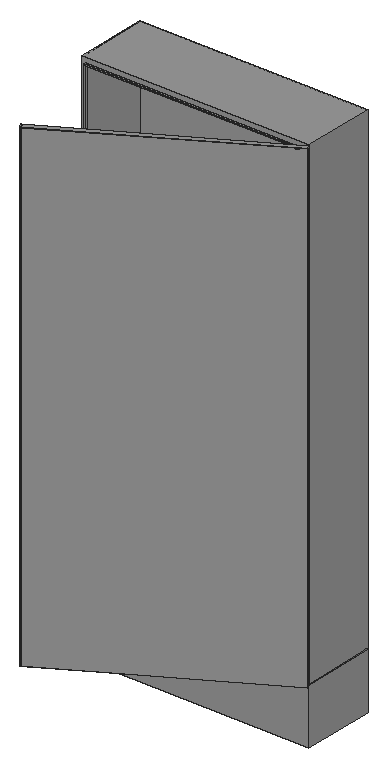
Revit family "Hager-Univers-IP55-D275-H1900-Cl.II-Steel_encl-NoHosted-CH-it", category Electrical Equipment, Revit 2020
Family settings
  Panel Configuration = Two Columns, Circuits Across
  Round Connector Dimension = Use Diameter
  Part Type = Panelboard
  Work Plane-Based = Yes
  Always vertical = Yes
  Cut with Voids When Loaded = No
  Shared = No
  Room Calculation Point = No
Parameters (values of type "montaggio a pavimento IP55 L800 A1900 P275  - FR13S2")
  Width Control [instance] = if([EF000008 - Larghezza] > Min Width, [EF000008 - Larghezza], Min Width)  # 800 mm
  Type Comments = [HG000003 - Gamma]  # "Univers"
  Thickness Door [instance] = if([EF009171 - spessore materiale porta/coperchio] > 3 mm, 3 mm, [EF009171 - spessore materiale porta/coperchio])  # 1.5 mm
  Seal Frame Offset [instance] = 17 mm  # constant formula
  Plinth Visibility [instance] = [HG000027 - Altezza dello zoccolo] > 0 mm  # yes
  Min Width [instance] = 100 mm  # constant formula
  Min Depth [instance] = (2 * [EF009170 - spessore materiale scatola]) + 1 mm  # 4 mm
  Min Height [instance] = 100 mm  # constant formula
  Internal Frame Depth [instance] = (Door System Depth * 0.5)  # 9 mm
  Panel Name [instance] = ""  # (empty or 0)
  Model = ""
  HG000027 - Altezza dello zoccolo = 200 mm
  HG000026 - A pavimento = yes
  HG000024 - Altezza della sezione inferiore = 600 mm
  HG000023 - Custodia a doppia sezione = no
  HG000016 - Visibilità delle porte nella vista 3D [instance] = yes
  HG000015 - Visibilità attraverso la porta [instance] = no
  HG000014 - Porta destra [instance] = yes
  HG000013 - Porta sinistra [instance] = not([HG000014 - Porta destra])  # no
  HG000012 - Angolo di apertura della porta [instance] = 30.00°
  HG000010 - Porte asimmetriche = no
  HG000009 - Porta doppia a battente = no
  HG000006 - Ad incasso = no
  HG000004 - Codice produttore = "FR13S2"
  HG000003 - Gamma = "Univers"
  HG000002 - Con porta = yes
  Frame Offset Bottom [instance] = 10 mm  # constant formula
  Frame Offset [instance] = 15 mm  # constant formula
  EF015940 - Coprire con rilascio di sovrapressione = no
  EF011959 - tipo di protezione (NEMA) = ""
  EF009554 - numero delle aperture per la piastra della flangia = 6
  EF009212 - esecuzione coperchio = "EV000116 - chiuso"
  EF009171 - spessore materiale porta/coperchio = 1.5 mm
  EF009170 - spessore materiale scatola = 1.5 mm
  EF008873 - corrente nominale (In) = 800 A
  EF007800 - adatto per parafulmine = no
  EF006306 - con serratura = no
  EF006244 - coperchio/porta trasparente = no
  EF005474 - grado di protezione (IP) = "EV006420 - IP55"
  EF004464 - tipo di porta = "EV002646 - singolo"
  EF004427 - numero di moduli = 396
  EF004293 - resistenza agli urti = "EV008784 - IK10"
  EF003532 - adatto per uso esterno = no
  EF002950 - Numero moduli DIN = 24
  EF001613 - Integrità del circuito = "EV000494 - senza"
  EF001596 - Attacco Lampada = "EV000179 - acciaio"
  EF001131 - profondità interna = 275 mm
  EF001088 - possibilità di applicazione = yes
  EF000437 - numero di ingressi per conduttori = 6
  EF000339 - tipo di copertura = "EV004216 - porta"
  EF000266 - numero di file = 11
  EF000218 - profondità di incasso = 0 mm
  EF000118 - con piastra di montaggio = no
  EF000116 - numero RAL = "7035"
  EF000049 - profondità = 275 mm
  EF000040 - Altezza = 1900 mm
  EF000008 - Larghezza = 800 mm
  EF000007 - colore = "EV000270 - grigio"
  EF000003 - Tipo di montaggio = "EV012274 - montaggio a pavimento"
  Door System Leaf Tolerance [instance] = 1.5 mm  # constant formula
  Door System Depth [instance] = 18 mm  # constant formula
  Door Height [instance] = Height Control - [HG000027 - Altezza dello zoccolo]  # 1700 mm
  Description = ""
  Default Elevation = 1219.2 mm
  Connector Offset [instance] = Height Control / 2  # 950 mm
  Manufacturer = "Hager"  # constant formula
  Height Control [instance] = if([EF000040 - Altezza] > Min Height, [EF000040 - Altezza], Min Height)  # 1900 mm
  Depth Control [instance] = if([EF000049 - profondità] > Min Depth, [EF000049 - profondità], Min Depth)  # 275 mm
  Bottom Top Plate Trim [instance] = 1.5 mm  # constant formula
  Plinth height Ctrl [instance] = if([HG000027 - Altezza dello zoccolo] > 0 mm, [HG000027 - Altezza dello zoccolo], 12 mm)  # 200 mm
Types (5, lengths in mm): name | Width Control | HG000010 - Porte asimmetriche | HG000009 - Porta doppia a battente | HG000004 - Codice produttore | EF009554 - numero delle aperture per la piastra della flangia | EF004464 - tipo di porta | EF004427 - numero di moduli | EF000437 - numero di ingressi per conduttori | EF000008 - Larghezza
  montaggio a pavimento IP55 L1050 A1900 P275  - FR14S2 | 1050 | yes | yes | "FR14S2" | 8 | "EV003602 - doppio" | 528 | 8 | 1050
  montaggio a pavimento IP55 L1300 A1900 P275  - FR15S2 | 1300 | yes | yes | "FR15S2" | 10 | "EV003602 - doppio" | 660 | 10 | 1300
  montaggio a pavimento IP55 L300 A1900 P275  - FR11S2 | 300 | no | no | "FR11S2" | 2 | "EV002646 - singolo" | 132 | 2 | 300
  montaggio a pavimento IP55 L550 A1900 P275  - FR12S2 | 550 | no | no | "FR12S2" | 4 | "EV002646 - singolo" | 264 | 4 | 550
  montaggio a pavimento IP55 L800 A1900 P275  - FR13S2 | 800 | no | no | "FR13S2" | 6 | "EV002646 - singolo" | 396 | 6 | 800
Reference planes
  plane 1 "Center (Front/Back)": y = 0
  plane 2: z = 0
  plane 3 "Center (Left/Right)": x = 0
  plane 4: y = 0
  plane 5: y = 0
  plane 6: z = 0
  plane 7: x = -400
  plane 8: x = 400
  plane 9: x = 398.5
  plane 10: x = -398.5
  plane 11: z = 200
  plane 12: z = 201.5
  plane 13: y = -275
  plane 14: y = -1.5
  plane 15: x = 0
  plane 16: y = -257
  plane 17: y = -273.5
  plane 18: y = -255.5
  plane 19: x = -383.5
  plane 20: x = 383.5
  plane 21: z = 211.5
  plane 22: x = -383
  plane 23: x = 383
  plane 24: z = 200
  plane 25: z = 1900
  plane 26: z = 1900
  plane 27: z = 1883.5
  plane 28: z = 1898.5
Forms (mm)
  Extrusion 1, solid, material "Hager_Steel_RAL7035_Light_Grey", detail levels medium+fine
    sketch origin (-208.679, -4572, 200) x (-1, 0, 0) y (0, -1, 0)
      loop
        line (191.321, -4315) -> (-608.679, -4315) -> (-608.679, -4572) -> (191.321, -4572) -> (191.321, -4315)
    from 0 to 1700
  Extrusion 2, void
    sketch origin (-350.771, -275, 1219.2) x (1, 0, 0) y (0, 0, 1)
      loop
        line (-47.729, 679.3) -> (-47.729, -1017.7) -> (749.271, -1017.7) -> (749.271, 679.3) -> (-47.729, 679.3)
    from -19.5 to -273.5
  Extrusion 3, void
    sketch origin (-290.084, -257, 1219.2) x (1, 0, 0) y (0, 0, 1)
      loop
        line (-93.416, -1007.7) -> (673.584, -1007.7) -> (673.584, 664.3) -> (-93.416, 664.3) -> (-93.416, -1007.7)
    from 0 to -1.5
  Extrusion 4, solid, material "Hager_Steel_RAL7035_Light_Grey", visible <- "Plinth Visibility", detail levels medium+fine
    sketch origin (0, 0, 0) x (1, 0, 0) y (0, 1, 0)
      loop
        line (-400, 0) -> (-400, -257) -> (400, -257) -> (400, 0) -> (-400, 0)
    from 0 to 200 <- "Plinth height Ctrl"
  Extrusion 5, solid, material "Hager_Steel_RAL7035_Light_Grey", detail levels coarse
    sketch origin (0, 0, 0) x (1, 0, 0) y (0, 1, 0)
      loop
        line (-400, 0) -> (-400, -275) -> (400, -275) -> (400, 0) -> (-400, 0)
    from 0 to 1900 <- "Height Control"
  Sweep 6, void
    path in 3D
      loop
        line (-400, -257, 200) -> (400, -257, 200) -> (400, 0, 200) -> (-400, 0, 200) -> (-400, -257, 200)
    profile origin (-400, -128.5, 200) x (1, 0, 0) y (0, 0, 1)
      loop
        line (0, 0) -> (0, -1.5) -> (1.5, -1.5)
        arc (1.5, -1.5) -> (1.061, -0.439) -> (0, 0) r 1.5
  Extrusion 7, solid, material "Hager_Steel_RAL7035_Light_Grey", detail levels fine
    sketch origin (-400, -257, 200) x (1, 0, 0) y (0, 0, 1)
      loop
        line (16.5, 11.5) -> (783.5, 11.5) -> (783.5, 1683.5) -> (16.5, 1683.5) -> (16.5, 11.5)
      loop
        line (15, 10) -> (785, 10) -> (785, 1685) -> (15, 1685) -> (15, 10)
    from 0 to 9 <- "Internal Frame Depth"
Cuts and joins
  Extrusion 2, Extrusion 3 cuts Extrusion 1
  Sweep 6 cuts Extrusion 4
Lines and regions (mm)
  Masking region 1
    outline origin (0, 0, 0) x (1, 0, 0) y (0, 1, 0)
      loop
        line (-400, 0) -> (-400, -275) -> (400, -275) -> (400, 0) -> (-400, 0)
  Masking region 2, detail levels coarse
    outline origin (-290.084, -257, 1219.2) x (-1, 0, 0) y (0, 0, 1)
      loop
        line (-690.084, -1219.2) -> (109.916, -1219.2) -> (109.916, 680.8) -> (-690.084, 680.8) -> (-690.084, -1219.2)
  Masking region 3, detail levels coarse
    outline origin (0, 0, 0) x (0, 1, 0) y (0, 0, 1)
      loop
        line (0, 0) -> (0, 1900) -> (-275, 1900) -> (-275, 0) -> (0, 0)
  Masking region 4, visible <- "Plinth Visibility", detail levels medium+fine
    outline origin (0, 0, 0) x (0, 1, 0) y (0, 0, 1)
      loop
        line (-1.5, 200) -> (-255.5, 200)
        arc (-255.5, 200) -> (-255.939, 198.939) -> (-257, 198.5) r 1.5
        line (-257, 198.5) -> (-257, 0) -> (0, 0) -> (0, 198.5)
        arc (0, 198.5) -> (-1.061, 198.939) -> (-1.5, 200) r 1.5
  Masking region 5, detail levels medium+fine
    outline origin (0, 0, 594.038) x (0, 1, 0) y (0, 0, 1)
      loop
        line (0, -394.038) -> (0, 1305.962) -> (-257, 1305.962) -> (-257, -394.038) -> (0, -394.038)
  Masking region 6, detail levels medium+fine
    outline origin (-359.7, -257, 1211.883) x (-1, 0, 0) y (0, 0, 1)
      loop
        line (-759.7, -1011.883) -> (40.3, -1011.883) -> (40.3, 688.117) -> (-759.7, 688.117) -> (-759.7, -1011.883)
  Masking region 7, visible <- "Plinth Visibility", detail levels medium+fine
    outline origin (-320.334, -257, 1041.368) x (-1, 0, 0) y (0, 0, 1)
      loop
        line (-720.334, -1041.368) -> (79.666, -1041.368) -> (79.666, -842.868)
        arc (79.666, -842.868) -> (78.606, -842.429) -> (78.166, -841.368) r 1.5
        line (78.166, -841.368) -> (-718.834, -841.368)
        arc (-718.834, -841.368) -> (-719.273, -842.429) -> (-720.334, -842.868) r 1.5
        line (-720.334, -842.868) -> (-720.334, -1041.368)
  sketch lines
    curve 1: line (-400, 0, 200) -> (-400, -257, 200)
    curve 2: line (-400, -257, 200) -> (400, -257, 200)
    curve 3: line (400, 0, 200) -> (-400, 0, 200)
    curve 4: line (400, -257, 200) -> (400, 0, 200)
Dimensions and locks
  locked: plane 1 "Center (Front/Back)" to plane 5
  "EF009170 - spessore materiale scatola": plane 7 to plane 10
  "EF009170 - spessore materiale scatola": plane 8 to plane 9
  equal spacing: plane 7, plane 3 "Center (Left/Right)", plane 8
  "Width Control": plane 7 to plane 8
  "Depth Control": plane 4 to plane 13
  "EF009170 - spessore materiale scatola": plane 4 to plane 14
  "Height Control": plane 25 to level
  "HG000027 - Altezza dello zoccolo": plane 11 to level
  "EF009170 - spessore materiale scatola": plane 12 to plane 11
  "EF009170 - spessore materiale scatola": plane 17 to plane 13
  "EF009170 - spessore materiale scatola": plane 18 to plane 16
  "Frame Offset Bottom": plane 21 to plane 12
  "Frame Offset": plane 10 to plane 19
  "Frame Offset": plane 9 to plane 20
  "Door System Depth": plane 16 to plane 13
  "Seal Frame Offset": plane 7 to plane 22
  "Seal Frame Offset": plane 8 to plane 23
  "EF009170 - spessore materiale scatola": plane 26 to plane 28
  "Frame Offset": plane 28 to plane 27
  "Connector Offset": plane 2 to connector elem
  "Bottom Top Plate Trim": profile plane to Sweep 6 sketch curve
  "Bottom Top Plate Trim": Sweep 6 sketch curve to Sweep 6 sketch curve
  "Plinth height Ctrl": Masking region 4 sketch curve to level
  "Plinth height Ctrl": Masking region 7 sketch curve to level
  "Thickness Door": Extrusion 7 sketch curve to Extrusion 7 sketch curve  (x4)
  "Bottom Top Plate Trim": radius of Sweep 6 sketch curve
  "Bottom Top Plate Trim": radius of Masking region 4 sketch curve  (x2)
  "Bottom Top Plate Trim": radius of Masking region 7 sketch curve  (x2)
  aligned and locked: Extrusion 2 sketch curve to plane 12
  aligned and locked: Extrusion 2 sketch curve to plane 9
  aligned and locked: Extrusion 2 sketch curve to plane 10
  aligned and locked: Extrusion 2 to plane 14
  aligned and locked: Extrusion 1 sketch curve to plane 4
  aligned and locked: plane 8 to Extrusion 1 sketch curve
  aligned and locked: plane 7 to Extrusion 1 sketch curve
  aligned and locked: Extrusion 2 to plane 18
  aligned and locked: Extrusion 3 sketch curve to plane 19
  aligned and locked: plane 20 to Extrusion 3 sketch curve
  aligned and locked: Extrusion 3 to Extrusion 2
  aligned and locked: Extrusion 3 sketch curve to plane 21
  aligned and locked: plane 3 "Center (Left/Right)" to nested 1
  aligned and locked: Extrusion 1 sketch curve to plane 16
  aligned and locked: Extrusion 4 sketch curve to cut or joined group of Extrusion 1, Extrusion 2, Extrusion 3
  aligned and locked: Masking region 1 sketch curve to plane 7
  aligned and locked: Masking region 1 sketch curve to plane 5
  aligned and locked: Masking region 1 sketch curve to plane 8
  aligned and locked: Masking region 2 sketch curve to level
  aligned and locked: level to Masking region 3 sketch curve
  aligned and locked: plane 1 "Center (Front/Back)" to Masking region 3 sketch curve
  aligned and locked: plane 13 to Masking region 3 sketch curve
  aligned and locked: plane 5 to Masking region 4 sketch curve
  aligned and locked: Masking region 2 sketch curve to plane 8
  aligned and locked: Masking region 2 sketch curve to plane 7
  aligned and locked: plane 7 to nested 2
  aligned and locked: nested 2 to plane 5
  aligned and locked: plane 5 to Masking region 5 sketch curve
  aligned and locked: plane 26 to Masking region 5 sketch curve
  aligned and locked: Extrusion 5 sketch curve to plane 8
  aligned and locked: Extrusion 5 sketch curve to plane 7
  aligned and locked: Extrusion 5 sketch curve to plane 5
  aligned and locked: Extrusion 3 sketch curve to plane 27
  aligned and locked: Extrusion 2 sketch curve to plane 28
  aligned and locked: Masking region 2 to plane 25
  aligned and locked: Extrusion 4 to plane 16
  aligned and locked: profile plane to Sweep 6 sketch curve
  aligned and locked: Masking region 5 sketch curve to plane 24
  aligned and locked: level to Masking region 4 sketch curve
  aligned and locked: Masking region 1 to plane 13
  aligned and locked: nested 1 to plane 16
  aligned and locked: Masking region 3 to plane 25
  aligned and locked: plane 16 to Masking region 4 sketch curve
  aligned and locked: Masking region 5 sketch curve to plane 16
  aligned and locked: plane 24 to plane 11
  aligned and locked: plane 26 to plane 25
  aligned and locked: plane 26 to cut or joined group of Extrusion 1, Extrusion 2, Extrusion 3
  aligned and locked: nested 1 to plane 24
  aligned and locked: Extrusion 1 to Extrusion 3
  aligned and locked: Masking region 6 sketch curve to plane 8
  aligned and locked: Masking region 6 sketch curve to plane 24
  aligned and locked: Masking region 6 sketch curve to plane 7
  aligned and locked: Masking region 6 sketch curve to plane 26
  aligned and locked: Masking region 7 sketch curve to plane 7
  aligned and locked: level to Masking region 7 sketch curve
  aligned and locked: Masking region 7 sketch curve to plane 8
  aligned and locked: Extrusion 7 sketch curve to cut or joined group of Extrusion 1, Extrusion 2, Extrusion 3  (x4)
Automatic sketch dimensions
  plane 19 to Extrusion 3 sketch curve = 0 mm
  Extrusion 3 sketch curve to plane 20 = 0 mm
  Extrusion 3 sketch curve to plane 21 = 0 mm
  Extrusion 4 sketch curve to plane 7 = 0 mm
  Extrusion 4 sketch curve to plane 8 = 0 mm
  Extrusion 4 sketch curve to plane 16 = 0 mm
  Masking region 1 sketch curve to plane 13 = 0 mm
  Masking region 2 sketch curve to plane 25 = 0 mm
  Masking region 3 sketch curve to plane 25 = 0 mm
  Extrusion 5 sketch curve to plane 13 = 0 mm
  profile plane to Sweep 6 sketch curve = 0 mm
Nested families
  nested 1: "EC000058_Univers_Door" at (0, -257, 200), Double <- "HG000009 - Porta doppia a battente", Transparent <- "EF006244 - coperchio/porta trasparente", Angle <- "HG000012 - Angolo di apertura della porta", Door_Right <- "HG000014 - Porta destra", Assymetrical <- "HG000010 - Porte asimmetriche", Door <- "HG000002 - Con porta", Width_Ctrl <- "Width Control", 3d_Door <- "HG000016 - Visibilità delle porte nella vista 3D", Clearance <- "HG000015 - Visibilità attraverso la porta", Door_Left <- "HG000013 - Porta sinistra", Width <- "Width Control", Door_Depth <- "Door System Depth", Leaf_Tolerance <- "Door System Leaf Tolerance", Height <- "Door Height", Lock_Visibility <- "EF006306 - con serratura", Thickness <- "Thickness Door", type "EC000058_Univers_Door", detail levels medium+fine
    with min_wh 4 mm, Width_Ctrl 800 mm, Width 800 mm, Transparent no, Thickness 1.5 mm, Seal_Material Hager_Rubber, Lock_Visibility no, Lock_Material Hager_Plastic_RAL9005_Jet_Black, Leaf_Width 800 mm, Leaf_Tolerance_External_Sides 0 mm, Leaf_Tolerance 1.5 mm, Leaf_Offset 0 mm, Leaf_Height 1697 mm, Leaf_2_Width 800 mm, Leaf_2_Offset 400 mm, Leaf_1_Width 800 mm, Leaf_1_Offset 400 mm, Height_Ctrl 1700 mm, Height 1700 mm, Glass_Material Hager_Glass, Double_Clearance_Ctrl no, Double no, Door_Right_Ctrl yes, Door_Right yes, Door_Material Hager_Steel_RAL7035_Light_Grey, Door_Left_Ctrl no, Door_Left no, Door_Depth 18 mm, Door yes, Clearance_Material Hager_Clearance, Clearance_Depth 800 mm, Clearance_Ctrl no, Clearance no, Assymetrical no, Angle 30.00°, 3d_Door yes
  nested 2: "Hager_Enclosure_Symbol" at (-400, 0, 0), Height <- "Depth Control", Width <- "Width Control", type "Hager_Enclosure_Symbol"
    with Width_Ctrl 800 mm, Width 800 mm, Height_Ctrl 275 mm, Height 275 mm, A_Width_Int 18.047 mm, A_Width 216.562 mm, A_Height_Ctrl 240.625 mm, A_Height 240.625 mm
Connectors
  electrical at (0, 0, 950)
    settings: on plane 1 "Center (Front/Back)", index 1, voltage 0 V, apparent load 0 VA, apparent load phase1 0 VA, apparent load phase2 0 VA, apparent load phase3 0 VA, power factor 1, load classification "Other", number of poles 1, system type 30, power factor state 1, is connector primary yes, connector utility no, sub classification motor no, connector description ""
Definition of nested family "EC000058_Univers_Door"
  Parameters (values of type "EC000058_Univers_Door")
    min_wh [instance] = (2 * Thickness) + 1 mm  # 11 mm
    Width_Ctrl [instance] = 400 mm
    Width [instance] = 500 mm
    Transparent [instance] = yes
    Thickness [instance] = 5 mm
    Seal_Material [instance] = none
    Lock_Visibility [instance] = yes
    Lock_Material [instance] = none
    Leaf_Width [instance] = if((Width_Ctrl - 2 * Leaf_Tolerance_External_Sides) > 0 mm, (Width_Ctrl - 2 * Leaf_Tolerance_External_Sides), min_wh)  # 400 mm
    Leaf_Tolerance_External_Sides [instance] = 0 mm  # constant formula
    Leaf_Tolerance [instance] = 1.5 mm
    Leaf_Offset [instance] = 0 mm  # constant formula
    Leaf_Height [instance] = if((Height_Ctrl - 2 * Leaf_Tolerance) > 0 mm, (Height_Ctrl - 2 * Leaf_Tolerance), min_wh)  # 497 mm
    Leaf_2_Width [instance] = if(and(and(Double, Assymetrical), Door_Left), (Leaf_Width / 3) - (Leaf_Tolerance / 2), if(and(and(Double, Assymetrical), Door_Right), (Leaf_Width / 3) * 2 - (Leaf_Tolerance / 2), if(and(Double, not(Assymetrical)), (Leaf_Width / 2) - Leaf_Tolerance, Leaf_Width)))  # 400 mm
    Leaf_2_Offset [instance] = if(and(Double, Assymetrical), Leaf_2_Width / 2, if(and(Double, not(Assymetrical)), Leaf_Width / 4, Leaf_Width / 2))  # 200 mm
    Leaf_1_Width [instance] = if(and(and(Double, Assymetrical), Door_Right), (Leaf_Width / 3) - (Leaf_Tolerance / 2), if(and(and(Double, Assymetrical), Door_Left), (Width / 3) * 2 - (Leaf_Tolerance / 2), if(and(Double, not(Assymetrical)), (Leaf_Width / 2) - Leaf_Tolerance, Leaf_Width)))  # 400 mm
    Leaf_1_Offset [instance] = if(and(Double, Assymetrical), Leaf_1_Width / 2, if(and(Double, not(Assymetrical)), Leaf_Width / 4, Leaf_Width / 2))  # 200 mm
    Height_Ctrl [instance] = if(Height > min_wh, Height, min_wh)  # 500 mm
    Height [instance] = 500 mm
    Glass_Material [instance] = none
    Double_Clearance_Ctrl [instance] = and(Double, Clearance)  # no
    Double [instance] = no
    Door_Right_Ctrl [instance] = and(or(Door_Right, Double), Door)  # yes
    Door_Right [instance] = yes
    Door_Material [instance] = none
    Door_Left_Ctrl [instance] = and(or(Door_Left, Double), Door)  # no
    Door_Left [instance] = no
    Door_Depth [instance] = 30 mm
    Door [instance] = yes
    Default Elevation = 1219.2 mm
    Clearance_Material [instance] = none
    Clearance_Depth [instance] = if(Leaf_1_Width > Leaf_2_Width, Leaf_1_Width, Leaf_2_Width)  # 400 mm
    Clearance_Ctrl [instance] = and(not(Double), Clearance)  # yes
    Clearance [instance] = yes
    Assymetrical [instance] = yes
    Angle [instance] = 30.00°
    3d_Door [instance] = yes
  Reference planes
    plane 1 "Center (Front/Back)": y = 0
    plane 2 "Bottom": z = 0
    plane 3 "Center (Left/Right)": x = 0
    plane 4: z = 500
    plane 5: x = -200
    plane 6: x = 200
    plane 7: z = 500
    plane 8: x = -200
    plane 9: z = 0
    plane 10: x = 200
    plane 11: y = 0
    plane 12: z = 1.5
    plane 13: x = -600
    plane 14: y = -400
    plane 15: x = 600
    plane 16: x = 0
    plane 17: x = 0
    plane 18: x = -200
    plane 19: x = 200
    plane 20: z = 498.5
  Forms (mm)
    Extrusion 1, solid, material <- "Clearance_Material", visible <- "Double_Clearance_Ctrl"
      sketch origin (1200, 0, 0) x (1, 0, 0) y (0, 0, -1)
        loop
          line (-1800, -498.5) -> (-600, -498.5) -> (-600, 0) -> (-1800, 0) -> (-1800, -498.5)
      from 0 to -400
  Dimensions and locks
    equal spacing: plane 5, plane 3 "Center (Left/Right)", plane 6
    "Width_Ctrl": plane 5 to plane 6
    "Leaf_Offset": plane 5 to plane 8
    "Leaf_Offset": plane 6 to plane 10
    "Leaf_Offset": plane 9 to level
    "Leaf_Offset": plane 4 to plane 7
    "Height_Ctrl": plane 4 to level
    "Leaf_Tolerance": plane 12 to plane 9
    locked: plane 11 to plane 1 "Center (Front/Back)"
    "Leaf_1_Offset": plane 18 to plane 16
    "Leaf_2_Offset": plane 17 to plane 19
    "Leaf_1_Width": plane 13 to plane 8
    "Leaf_2_Width": plane 10 to plane 15
    "Clearance_Depth": plane 14 to plane 1 "Center (Front/Back)"
    "Leaf_Tolerance_External_Sides": plane 8 to plane 18
    "Leaf_Tolerance_External_Sides": plane 19 to plane 10
    "Leaf_Tolerance": plane 7 to plane 20
    aligned and locked: level to plane 2 "Bottom"
    aligned and locked: nested 1 to plane 16
    aligned and locked: nested 2 to plane 17
    aligned and locked: Extrusion 1 to plane 13
    aligned and locked: plane 15 to Extrusion 1
    aligned and locked: Extrusion 1 to plane 14
    aligned and locked: plane 12 to nested 1
    aligned and locked: nested 2 to plane 12
    aligned and locked: Extrusion 1 to plane 11
    aligned and locked: plane 20 to Extrusion 1
    aligned and locked: nested 2 to plane 11
    aligned and locked: nested 1 to plane 11
  Automatic sketch dimensions
    Extrusion 1 sketch curve to level = 0 mm
    plane 5 to Extrusion 1 sketch curve = 400 mm
    plane 6 to Extrusion 1 sketch curve = 400 mm
    Extrusion 1 sketch curve to plane 4 = 1.5 mm
  Nested families
    nested 1: "EC000058_Univers_Door_Leaf" at (0, 0, 1.5), Width <- "Leaf_1_Width", visible <- "Door_Left_Ctrl", Leaf_Height <- "Leaf_Height", Angle <- "Angle", 3d_Door <- "3d_Door", Transparent <- "Transparent", Clearance Material <- "Clearance_Material", Clearance <- "Clearance_Ctrl", Door_Material <- "Door_Material", Glass_Material <- "Glass_Material", Door_Depth <- "Door_Depth", Lock_Material <- "Lock_Material", Seal_Material <- "Seal_Material", Lock_Visibility <- "Lock_Visibility", Thickness <- "Thickness", type "EC000058_Univers_Door_Leaf"
      with Width 400 mm, Transparent_Glass_Offset 30 mm, Transparent_Ctrl yes, Transparent yes, Thickness 5 mm, Standard no, Seal_Material none, Seal_D2 8 mm, Seal_D1 1 mm, Offset_Internal_Frame 10 mm, Lock_Width 20 mm, Lock_Visibility_3d yes, Lock_Visibility yes, Lock_Thickness_3 3 mm, Lock_Thickness_2 1 mm, Lock_Thickness_1 3 mm, Lock_Radius_Offset_2 16 mm, Lock_Radius_Offset_1 15 mm, Lock_Radius_2 5 mm, Lock_Radius 6 mm, Lock_Offset 5 mm, Lock_Material none, Lock_Height 80 mm, Lock_Cover_Top_Offset_2d 17 mm, Lock_Cover_Height -65 mm, Leaf_Height 497 mm, Internal_Seal_Thickness 8 mm, Internal_Seal_Depth_2 4.5 mm, Internal_Frame_Depth 25 mm, Glass_Thickness -1 mm, Glass_Offset -2 mm, Glass_Material none, Door_Material none, Door_Depth 30 mm, Clearance Material none, Clearance yes, Angle_Ctrl 30.00°, Angle 30.00°, 3d_Door yes
    nested 2: "EC000058_Univers_Door_Leaf" at (0, 0, 1.5) x (-1, 0, 0) z (0, 0, 1), Width <- "Leaf_2_Width", visible <- "Door_Right_Ctrl", Leaf_Height <- "Leaf_Height", Angle <- "Angle", 3d_Door <- "3d_Door", Transparent <- "Transparent", Clearance Material <- "Clearance_Material", Clearance <- "Clearance_Ctrl", Door_Material <- "Door_Material", Glass_Material <- "Glass_Material", Door_Depth <- "Door_Depth", Lock_Material <- "Lock_Material", Seal_Material <- "Seal_Material", Lock_Visibility <- "Lock_Visibility", Thickness <- "Thickness", type "EC000058_Univers_Door_Leaf"
      with Width 400 mm, Transparent_Glass_Offset 30 mm, Transparent_Ctrl yes, Transparent yes, Thickness 5 mm, Standard no, Seal_Material none, Seal_D2 8 mm, Seal_D1 1 mm, Offset_Internal_Frame 10 mm, Lock_Width 20 mm, Lock_Visibility_3d yes, Lock_Visibility yes, Lock_Thickness_3 3 mm, Lock_Thickness_2 1 mm, Lock_Thickness_1 3 mm, Lock_Radius_Offset_2 16 mm, Lock_Radius_Offset_1 15 mm, Lock_Radius_2 5 mm, Lock_Radius 6 mm, Lock_Offset 5 mm, Lock_Material none, Lock_Height 80 mm, Lock_Cover_Top_Offset_2d 17 mm, Lock_Cover_Height -65 mm, Leaf_Height 497 mm, Internal_Seal_Thickness 8 mm, Internal_Seal_Depth_2 4.5 mm, Internal_Frame_Depth 25 mm, Glass_Thickness -1 mm, Glass_Offset -2 mm, Glass_Material none, Door_Material none, Door_Depth 30 mm, Clearance Material none, Clearance yes, Angle_Ctrl 30.00°, Angle 30.00°, 3d_Door yes
  Definition of nested family "EC000058_Univers_Door_Leaf"
    Parameters (values of type "EC000058_Univers_Door_Leaf")
      Width [instance] = 2000 mm
      Transparent_Glass_Offset [instance] = 30 mm
      Transparent_Ctrl [instance] = and(Transparent, [3d_Door])  # yes
      Transparent [instance] = yes
      Thickness [instance] = 5 mm
      Standard [instance] = and(not(Transparent), [3d_Door])  # no
      Seal_Material [instance] = none
      Seal_D2 [instance] = 8 mm  # constant formula
      Seal_D1 [instance] = 1 mm  # constant formula
      Offset_Internal_Frame [instance] = 10 mm  # constant formula
      Lock_Width [instance] = 20 mm  # constant formula
      Lock_Visibility_3d [instance] = and(Lock_Visibility, [3d_Door])  # yes
      Lock_Visibility [instance] = yes
      Lock_Thickness_3 [instance] = 3 mm  # constant formula
      Lock_Thickness_2 [instance] = 1 mm  # constant formula
      Lock_Thickness_1 [instance] = 3 mm  # constant formula
      Lock_Radius_Offset_2 [instance] = Lock_Radius_Offset_1 + 1 mm  # 16 mm
      Lock_Radius_Offset_1 [instance] = 15 mm  # constant formula
      Lock_Radius_2 [instance] = Lock_Radius - 1 mm  # 5 mm
      Lock_Radius [instance] = 6 mm  # constant formula
      Lock_Offset [instance] = 5 mm  # constant formula
      Lock_Material [instance] = none
      Lock_Height [instance] = 80 mm  # constant formula
      Lock_Cover_Top_Offset_2d [instance] = Lock_Radius_Offset_2 + 1 mm  # 17 mm
      Lock_Cover_Height [instance] = -(Lock_Height - Lock_Radius_Offset_1)  # -65 mm
      Leaf_Height [instance] = 2720.336 mm
      Internal_Seal_Thickness [instance] = 8 mm  # constant formula
      Internal_Seal_Depth_2 [instance] = 4.5 mm  # constant formula
      Internal_Frame_Depth [instance] = if(Door_Depth - Thickness > 5 mm, Door_Depth - Thickness, 5 mm)  # 25 mm
      Glass_Thickness [instance] = if(Thickness > 15 mm, Glass_Offset + 10 mm, -1 mm)  # -1 mm
      Glass_Offset [instance] = if(Thickness > 15 mm, -(Thickness + 10 mm) / 2, -2 mm)  # -2 mm
      Glass_Material [instance] = none
      Door_Material [instance] = none
      Door_Depth [instance] = 30 mm
      Default Elevation = 0 mm
      Clearance Material [instance] = none
      Clearance [instance] = yes
      Angle_Ctrl [instance] = if(Angle > 180.00°, 180.00°, Angle)  # 90.00°
      Angle [instance] = 90.00°
      3d_Door [instance] = yes
    Reference planes
      plane 1 "Center (Front/Back)": y = 0
      plane 2: z = 0
      plane 3 "Center (Left/Right)": x = 0
      plane 4: y = 2000
      plane 5: x = -1000
      plane 6: x = 1000
      plane 7: x = -3000
      plane 8: z = 2720.336
      plane 9: z = 30
      plane 10: z = 2690.336
      plane 11: x = 970
      plane 12: x = -970
      plane 13: y = -3
      plane 14: z = 107.833
      plane 15: y = -5
      plane 16: y = -223.314
      plane 17: x = -1000
      plane 18: z = 1360.168
      plane 19: y = 30
    Forms (mm)
      Extrusion 1, solid, material <- "Clearance Material", visible <- "Clearance"
        sketch origin (0, 0, 0) x (1, 0, 0) y (0, 0, 1)
          loop
            line (-3000, 2720.336) -> (-3000, 0) -> (1000, 0) -> (1000, 2720.336) -> (-3000, 2720.336)
        from 0 to -2000
      Extrusion 2, solid, material <- "Door_Material", visible <- "Standard", detail levels medium+fine
        sketch origin (-1000, 0, 0) x (0, 1, 0) y (-1, 0, 0)
          loop
            line (0, 30) -> (0, 25) -> (2000, 25) -> (2000, 30) -> (0, 30)
        from 0 to 2720.336 <- "Leaf_Height"
      Extrusion 3, solid, material <- "Door_Material", visible <- "Transparent_Ctrl", detail levels medium+fine
        sketch origin (-1000, 0, 0) x (0, 1, 0) y (-1, 0, 0)
          loop
            line (0, 25) -> (2000, 25) -> (2000, 30) -> (0, 30) -> (0, 25)
        from 0 to 2720.336 <- "Leaf_Height"
      Extrusion 4, void
        sketch origin (-1025, 2000, 0) x (0, 1, 0) y (0, 0, -1)
          loop
            line (-30, -2690.336) -> (-30, -30) -> (-1970, -30) -> (-1970, -2690.336) -> (-30, -2690.336)
        from 0 to 5 <- "Thickness"
      Sweep 5, solid, material <- "Seal_Material", visible <- "Transparent_Ctrl", detail levels fine
        path in 3D
          loop
            line (-1025, 30, 30) -> (-1025, 30, 2690.336) -> (-1025, 1970, 2690.336) -> (-1025, 1970, 30) -> (-1025, 30, 30)
        profile origin (-1025, 1000, 30) x (1, 0, 0) y (0, 0, 1)
          loop
            line (0, 0) -> (0, -8) -> (1, -8) -> (1, 0) -> (0, 0)
      Extrusion 6, solid, material <- "Glass_Material", visible <- "Transparent_Ctrl", detail levels medium+fine
        sketch origin (-1030, 0, 0) x (0, 1, 0) y (0, 0, -1)
          loop
            line (1970, -2690.336) -> (1970, -30) -> (30, -30) -> (30, -2690.336) -> (1970, -2690.336)
        from -2 <- "Glass_Offset" to -1 <- "Glass_Thickness"
      Extrusion 7, solid, material <- "Door_Material", visible <- "3d_Door", detail levels medium+fine
        sketch origin (-1025, 2000, 0) x (0, -1, 0) y (0, 0, -1)
          loop
            line (0, -2720.336) -> (2000, -2720.336) -> (2000, 0) -> (0, 0) -> (0, -2720.336)
          loop
            line (1995, -5) -> (5, -5) -> (5, -2715.336) -> (1995, -2715.336) -> (1995, -5)
        from 0 to 25 <- "Internal_Frame_Depth"
      Sweep 8, solid, material <- "Seal_Material", visible <- "Transparent_Ctrl", detail levels fine
        path in 3D
          loop
            line (-1025, 0, 0) -> (-1025, 2000, 0) -> (-1025, 2000, 2720.336) -> (-1025, 0, 2720.336) -> (-1025, 0, 0)
        profile origin (-1025, 0, 1360.168) x (1, 0, 0) y (0, 1, 0)
          loop
            line (0, 10) -> (2.975, 10)
            arc (2.975, 10) -> (4.053, 10.447) -> (4.5, 11.525) r 1.525
            line (4.5, 11.525) -> (4.5, 16.527)
            arc (4.5, 16.527) -> (4.069, 17.569) -> (3.027, 18) r 1.473
            line (3.027, 18) -> (0, 18) -> (0, 10)
      Extrusion 9, solid, material <- "Lock_Material", visible <- "Lock_Visibility_3d", detail levels fine
        sketch origin (-1030, 0, 0) x (0, 1, 0) y (0, 0, -1)
          loop
            arc (1993.5, -1400.168) -> (1994.561, -1399.729) -> (1995, -1398.668) r 1.5
            line (1995, -1398.668) -> (1995, -1320.168) -> (1975, -1320.168) -> (1975, -1398.668)
            arc (1975, -1398.668) -> (1975.439, -1399.729) -> (1976.5, -1400.168) r 1.5
            line (1976.5, -1400.168) -> (1993.5, -1400.168)
        from 3 <- "Lock_Thickness_1" to 0
      Blend 10, solid, material <- "Lock_Material", visible <- "Lock_Visibility_3d", detail levels fine
        base sketch origin (-1033, 0, 0) x (0, 1, 0) y (0, 0, -1)
          loop
            line (1975, -1320.168) -> (1975, -1398.668)
            arc (1975, -1398.668) -> (1975.439, -1399.729) -> (1976.5, -1400.168) r 1.5
            line (1976.5, -1400.168) -> (1993.5, -1400.168)
            arc (1993.5, -1400.168) -> (1994.561, -1399.729) -> (1995, -1398.668) r 1.5
            line (1995, -1398.668) -> (1995, -1320.168) -> (1975, -1320.168)
        top sketch origin (-1033, 0, 0) x (0, 1, 0) y (0, 0, -1)
          loop
            line (1976, -1320.168) -> (1976, -1398.668)
            arc (1976, -1398.668) -> (1976.146, -1399.022) -> (1976.5, -1399.168) r 0.5
            line (1976.5, -1399.168) -> (1993.5, -1399.168)
            arc (1993.5, -1399.168) -> (1993.854, -1399.022) -> (1994, -1398.668) r 0.5
            line (1994, -1398.668) -> (1994, -1320.168) -> (1976, -1320.168)
        from 0 to 1 <- "Lock_Thickness_2"
      Blend 11, solid, material <- "Lock_Material", visible <- "Lock_Visibility_3d", detail levels fine
        base sketch origin (-1034, 0, 0) x (0, 1, 0) y (0, 0, -1)
          loop
            line (1978, -1320.168) -> (1978, -1384.168)
            arc (1978, -1384.168) -> (1985, -1391.168) -> (1992, -1384.168) r 7
            line (1992, -1384.168) -> (1992, -1320.168) -> (1978, -1320.168)
        top sketch origin (-1034, 0, 0) x (0, 1, 0) y (0, 0, -1)
          loop
            line (1991, -1320.168) -> (1979, -1320.168) -> (1979, -1383.168)
            arc (1979, -1383.168) -> (1985, -1389.168) -> (1991, -1383.168) r 6
            line (1991, -1383.168) -> (1991, -1320.168)
        from 0 to 3 <- "Lock_Thickness_3"
      Extrusion 12, solid, material <- "Lock_Material", visible <- "Lock_Visibility_3d", detail levels fine
        sketch origin (-1030, 1975, 1320.168) x (1, 0, 0) y (0, -1, 0)
          loop
            line (-7, -19) -> (-7, -1) -> (0, -1) -> (0, 0) -> (-8, 0) -> (-8, -20) -> (0, -20) -> (0, -19) -> (-7, -19)
        from 0 to -65 <- "Lock_Cover_Height"
      Extrusion 13, void
        sketch origin (-1038, 1995, 1320.168) x (-1, 0, 0) y (0, 0, -1)
          loop
            line (-5, -65) -> (0, -65) -> (-5, -60) -> (-5, -65)
        from 0 to 20 <- "Lock_Width"
      Extrusion 14, void
        sketch origin (-1038, 1975, 1320.168) x (0, -1, 0) y (0, 0, -1)
          loop
            circle (-10, -15.995) r 6
          loop
            circle (-10, -15.995) r 5
        from 0 to 2
      Extrusion 15, solid, material <- "Lock_Material", visible <- "Lock_Visibility_3d", detail levels medium
        sketch origin (-1030, 0, 0) x (0, 1, 0) y (0, 0, -1)
          loop
            arc (1993.5, -1400.168) -> (1994.561, -1399.729) -> (1995, -1398.668) r 1.5
            line (1995, -1398.668) -> (1995, -1320.168) -> (1975, -1320.168) -> (1975, -1398.668)
            arc (1975, -1398.668) -> (1975.439, -1399.729) -> (1976.5, -1400.168) r 1.5
            line (1976.5, -1400.168) -> (1993.5, -1400.168)
        from 8 to 0
    Cuts and joins
      Extrusion 4 cuts Extrusion 3
      Extrusion 13, Extrusion 14 cuts Extrusion 9
      Extrusion 14 cuts Blend 11
      Extrusion 13, Extrusion 14 cuts Extrusion 12
      joined: Extrusion 9, Blend 10, Blend 11, Extrusion 12
      Extrusion 14 cuts Extrusion 15
    Lines and regions (mm)
      Masking region 1, visible <- "Lock_Visibility", detail levels fine
        outline origin (0, 0, 0) x (0, 1, 0) y (0, 0, 1)
          loop
            line (30, 1320.168) -> (33, 1320.168) -> (33, 1400.168) -> (30, 1400.168) -> (30, 1320.168)
      Masking region 2, visible <- "Lock_Visibility", detail levels fine
        outline origin (0, 3.143, 0) x (0, 1, 0) y (0, 0, 1)
          loop
            line (29.857, 1354.168) -> (30.857, 1354.168) -> (30.857, 1366.168) -> (29.857, 1366.168) -> (29.857, 1354.168)
      Masking region 3, detail levels medium+fine
        outline origin (0, 0, 0) x (0, 1, 0) y (0, 0, 1)
          loop
            line (0, 0) -> (30, 0) -> (30, 2720.336) -> (0, 2720.336) -> (0, 0)
      Masking region 4, detail levels medium+fine
        outline origin (0, 0, 0) x (1, 0, 0) y (0, 0, 1)
          loop
            line (-1000, 2720.336) -> (-1000, 0) -> (1000, 0) -> (1000, 2720.336) -> (-1000, 2720.336)
      Masking region 5, visible <- "Lock_Visibility", detail levels fine
        outline origin (-47.116, 0, 0) x (1, 0, 0) y (0, 0, 1)
          loop
            arc (1024.616, 1399.168) -> (1023.556, 1398.729) -> (1023.116, 1397.668) r 1.5
            line (1023.116, 1397.668) -> (1023.116, 1320.168) -> (1041.116, 1320.168) -> (1041.116, 1397.668)
            arc (1041.116, 1397.668) -> (1040.677, 1398.729) -> (1039.616, 1399.168) r 1.5
            line (1039.616, 1399.168) -> (1024.616, 1399.168)
      Masking region 6, visible <- "Lock_Visibility", detail levels medium+fine
        outline origin (-25, 0, 0) x (1, 0, 0) y (0, 0, 1)
          loop
            arc (1001.5, 1400.168) -> (1000.439, 1399.729) -> (1000, 1398.668) r 1.5
            line (1000, 1398.668) -> (1000, 1320.168) -> (1020, 1320.168) -> (1020, 1398.668)
            arc (1020, 1398.668) -> (1019.561, 1399.729) -> (1018.5, 1400.168) r 1.5
            line (1018.5, 1400.168) -> (1001.5, 1400.168)
      Masking region 7, visible <- "Lock_Visibility", detail levels fine
        outline origin (-73.735, 0, 0) x (1, 0, 0) y (0, 0, 1)
          loop
            line (1051.735, 1382.168) -> (1065.735, 1382.168) -> (1065.735, 1384.168)
            arc (1065.735, 1384.168) -> (1058.735, 1391.168) -> (1051.735, 1384.168) r 7
            line (1051.735, 1384.168) -> (1051.735, 1382.168)
      Masking region 8, visible <- "Lock_Visibility", detail levels fine
        outline origin (-73.735, 0, 0) x (1, 0, 0) y (0, 0, 1)
          loop
            line (1052.735, 1382.168) -> (1064.735, 1382.168) -> (1064.735, 1383.168)
            arc (1064.735, 1383.168) -> (1058.735, 1389.168) -> (1052.735, 1383.168) r 6
            line (1052.735, 1383.168) -> (1052.735, 1382.168)
      Masking region 9, visible <- "Lock_Visibility", detail levels fine
        outline origin (-25, 0, 0) x (1, 0, 0) y (0, 0, 1)
          loop
            line (1020, 1320.168) -> (1020, 1382.168) -> (1000, 1382.168) -> (1000, 1320.168) -> (1020, 1320.168)
      Masking region 10, detail levels medium+fine
        outline origin (0, 0, 0) x (1, 0, 0) y (0, 0, 1)
          loop
            circle (985, 1335.144) r 6
      Masking region 11, detail levels fine
        outline origin (0, 0, 0) x (1, 0, 0) y (0, 0, 1)
          loop
            circle (985, 1335.144) r 5
      Masking region 12, visible <- "Lock_Visibility", detail levels fine
        outline origin (0, 12.767, 0) x (0, 1, 0) y (0, 0, 1)
          loop
            line (20.233, 1320.168) -> (21.233, 1320.168) -> (21.233, 1399.168) -> (20.233, 1400.168) -> (20.233, 1320.168)
      Masking region 13, visible <- "Lock_Visibility", detail levels fine
        outline origin (0, 13.767, -10) x (0, 1, 0) y (0, 0, 1)
          loop
            line (20.233, 1330.168) -> (23.233, 1330.168) -> (23.233, 1399.168) -> (20.233, 1402.168) -> (20.233, 1330.168)
      Masking region 14, visible <- "Lock_Visibility", detail levels fine
        outline origin (0, 12.767, -10) x (0, 1, 0) y (0, 0, 1)
          loop
            line (20.233, 1330.168) -> (25.233, 1330.168) -> (25.233, 1399.305) -> (20.233, 1394.305) -> (20.233, 1330.168)
      Masking region 15, visible <- "Lock_Visibility", detail levels medium
        outline origin (0, 0, 0) x (0, 1, 0) y (0, 0, 1)
          loop
            line (30, 1320.168) -> (38, 1320.168) -> (38, 1400.168) -> (30, 1400.168) -> (30, 1320.168)
      Masking region 16, visible <- "Lock_Visibility", detail levels fine
        outline origin (-1000, 0, 0) x (0, 1, 0) y (-1, 0, 0)
          loop
            line (1975, 30) -> (1995, 30) -> (1995, 38) -> (1975, 38) -> (1975, 30)
          loop
            line (1979, 37) -> (1976, 37) -> (1976, 34) -> (1978, 34) -> (1979, 37)
          loop
            line (1994, 37) -> (1991, 37) -> (1992, 34) -> (1994, 34) -> (1994, 37)
      Masking region 17, visible <- "Lock_Visibility", detail levels medium
        outline origin (-1000, 0, 0) x (0, 1, 0) y (-1, 0, 0)
          loop
            line (1975, 30) -> (1995, 30) -> (1995, 38) -> (1975, 38) -> (1975, 30)
      symbolic lines
        curve 1: line (1000, 0, 0) -> (-3000, 0, 0)
        curve 2: arc (1000, 0, 0) -> (-1000, 2000, 0) -> (-3000, 0, 0) r 2000
        curve 4: line (-1030, 0, 0) -> (-1030, 2000, 0)
      reference lines
        curve 3: line (-1000, 0, 0) -> (-1000, 2000, 0)
      symbolic lines, detail levels medium+fine
        curve 5: line (-1030, 2000, 0) -> (-1025, 2000, 0)
        curve 7: line (-1025, 0, 0) -> (-1030, 0, 0)
        curve 8: line (-1025, 0, 0) -> (-1000, 0, 0)
        curve 9: line (-1000, 0, 0) -> (-1000, 2000, 0)
        curve 10: line (-1000, 2000, 0) -> (-1025, 2000, 0)
      symbolic lines, detail levels fine
        curve 6: line (-1025, 2000, 0) -> (-1025, 0, 0)
      sketch lines
        curve 11: line (-1025, 0, 2720.336) -> (-1025, 0, 0)
        curve 12: line (-1025, 2000, 0) -> (-1025, 0, 0)
        curve 13: line (-1025, 2000, 2720.336) -> (-1025, 2000, 0)
        curve 14: line (-1025, 0, 2720.336) -> (-1025, 2000, 2720.336)
        curve 15: line (-1025, 1970, 30) -> (-1025, 30, 30)
        curve 16: line (-1025, 30, 30) -> (-1025, 30, 2690.336)
        curve 17: line (-1025, 1970, 2690.336) -> (-1025, 1970, 30)
        curve 18: line (-1025, 30, 2690.336) -> (-1025, 1970, 2690.336)
      symbolic lines, visible <- "Transparent", detail levels medium+fine
        curve 19: line (-970, 0, 2690.336) -> (970, 0, 2690.336)
        curve 20: line (-970, 0, 30) -> (-970, 0, 2690.336)
        curve 21: line (970, 0, 30) -> (-970, 0, 30)
        curve 22: line (970, 0, 2690.336) -> (970, 0, 30)
    Dimensions and locks
      "Width": plane 1 "Center (Front/Back)" to plane 4
      equal spacing: plane 5, plane 3 "Center (Left/Right)", plane 6
      "Width": plane 5 to plane 6
      "Width": plane 7 to plane 5
      "Leaf_Height": plane 8 to level
      "Width": curve 5 to curve 3
      "Width": curve 3 to curve 3
      plane 8 to plane 10 = 30 mm
      plane 9 to level = 30 mm
      plane 12 to plane 5 = 30 mm
      plane 6 to plane 11 = 30 mm
      Extrusion 1 to Extrusion 4 sketch curve = 30 mm
      "Transparent_Glass_Offset": curve 3 to Extrusion 4 sketch curve
      "Transparent_Glass_Offset": Extrusion 4 sketch curve to cut or joined group of Extrusion 3, Extrusion 4  (x2)
      cut or joined group of Extrusion 3, Extrusion 4 to Extrusion 6 sketch curve = 30 mm
      "Transparent_Glass_Offset": cut or joined group of Extrusion 3, Extrusion 4 to Extrusion 4 sketch curve
      "Thickness": curve 6 to curve 4
      "Thickness": Extrusion 7 sketch curve to Extrusion 7 sketch curve  (x4)
      "Door_Depth": curve 4 to curve 3
      "Offset_Internal_Frame": profile plane to Sweep 8 sketch curve
      "Internal_Seal_Thickness": Sweep 8 sketch curve to Sweep 8 sketch curve
      "Internal_Seal_Depth_2": profile plane to Sweep 8 sketch curve
      "Seal_D1": profile plane to Sweep 5 sketch curve
      "Seal_D2": profile plane to Sweep 5 sketch curve
      "Thickness": Extrusion 2 sketch curve to Extrusion 2 sketch curve
      equal spacing: Extrusion 9 sketch curve, plane 18, Extrusion 9 sketch curve  (x2)
      equal spacing: Masking region 1 sketch curve, plane 18, Masking region 1 sketch curve
      "Lock_Height": Masking region 1 sketch curve to Masking region 1 sketch curve
      "Lock_Radius": Masking region 2 sketch curve to plane 18 to Masking region 2 sketch curve
      Masking region 2 sketch curve to Masking region 1 = 1 mm
      "Door_Depth": plane 19 to plane 1 "Center (Front/Back)"
      "Lock_Thickness_1": Masking region 1 sketch curve to plane 19
      "Lock_Width": Extrusion 9 sketch curve to Extrusion 9 sketch curve
      "Lock_Height": Extrusion 9 sketch curve to Extrusion 9 sketch curve
      "Lock_Offset": cut or joined group of Extrusion 3, Extrusion 4 to Extrusion 9 sketch curve
      equal spacing: plane 8, plane 18, level
      "Lock_Radius_Offset_1": Blend 11 sketch curve to Blend 10
      locked: Blend 10 to Blend 11 sketch curve at 2  (x2)
      locked: var sketch to Blend 11 sketch curve at 1  (x2)
      "Lock_Radius_Offset_2": Blend 11 sketch curve to Blend 10
      locked: Extrusion 12 sketch curve to Extrusion 12 sketch curve at 1  (x3)
      Masking region 6 sketch curve to Masking region 6 sketch curve = 80 mm
      "Lock_Height": Masking region 6 sketch curve to Masking region 6 sketch curve
      "Lock_Width": Masking region 6 sketch curve to Masking region 6 sketch curve
      locked: Masking region 6 to Masking region 5 sketch curve at 1  (x3)
      locked: Masking region 5 to Masking region 7 sketch curve at 2  (x2)
      "Lock_Radius_Offset_1": Masking region 5 to Masking region 7 sketch curve
      "Lock_Radius_Offset_2": Masking region 5 to Masking region 8 sketch curve
      locked: Masking region 7 to Masking region 8 sketch curve at 1  (x2)
      "Lock_Cover_Top_Offset_2d": Masking region 5 to Masking region 9 sketch curve
      equal spacing: Masking region 9, Masking region 10 sketch curve, Masking region 9
      equal spacing: Masking region 9, Masking region 11 sketch curve, Masking region 9
      Extrusion 15 sketch curve to Extrusion 15 sketch curve = 80 mm
      "Lock_Width": Extrusion 15 sketch curve to Extrusion 15 sketch curve
      "Lock_Height": Extrusion 15 sketch curve to Extrusion 15 sketch curve
      equal spacing: Extrusion 15 sketch curve, plane 18, Extrusion 15 sketch curve
      "Lock_Thickness_3": Masking region 13 sketch curve to Masking region 13 sketch curve
      "Lock_Height": Masking region 12 sketch curve to Masking region 12 sketch curve
      locked: Masking region 13 sketch curve to Masking region 1 at 8
      locked: Masking region 14 sketch curve to Masking region 13 at 1
      locked: Masking region 14 sketch curve to Masking region 1 at 10.863
      "Lock_Height": Masking region 15 sketch curve to Masking region 15 sketch curve
      "Lock_Offset": Extrusion 15 sketch curve to cut or joined group of Extrusion 3, Extrusion 4
      "Lock_Offset": plane 6 to Masking region 6 sketch curve
      radius of Sweep 8 sketch curve = 1.525 mm
      radius of Sweep 8 sketch curve = 1.473 mm
      radius of Extrusion 9 sketch curve = 1.5 mm  (x2)
      "Lock_Radius": radius of Extrusion 14 sketch curve
      "Lock_Radius_2": radius of Extrusion 14 sketch curve
      "Lock_Radius": radius of Masking region 10 sketch curve
      "Lock_Radius_2": radius of Masking region 11 sketch curve
      radius of Extrusion 15 sketch curve = 1.5 mm  (x2)
      "Angle_Ctrl": angle plane 1 "Center (Front/Back)" to curve 3
      locked: Masking region 12 sketch curve to Masking region 12 sketch curve (angle 45.00°)
      locked: Masking region 13 sketch curve to Masking region 13 sketch curve (angle 45.00°)
      locked: Masking region 14 sketch curve to Masking region 14 sketch curve (angle 45.00°)
      aligned and locked: level to plane 2
      aligned and locked: Extrusion 1 to curve 1
      aligned and locked: plane 6 to Extrusion 1
      aligned and locked: Extrusion 1 to plane 1 "Center (Front/Back)"
      aligned and locked: plane 4 to Extrusion 1
      aligned and locked: plane 8 to Extrusion 1
      aligned and locked: curve 7 to Extrusion 2 sketch curve
      aligned and locked: curve 5 to Extrusion 2 sketch curve
      aligned and locked: curve 7 to Extrusion 3 sketch curve
      aligned and locked: Extrusion 3 sketch curve to curve 4
      aligned and locked: Extrusion 3 sketch curve to curve 6
      aligned and locked: Extrusion 3 sketch curve to curve 5
      aligned and locked: curve 9 to curve 3
      aligned and locked: Extrusion 7 sketch curve to cut or joined group of Extrusion 3, Extrusion 4  (x4)
      aligned and locked: plane 17 to curve 3
      aligned and locked: plane 1 "Center (Front/Back)" to curve 3
      aligned and locked: plane 17 to plane 5
      aligned and locked: Sweep 8 sketch curve to profile plane
      aligned and locked: Sweep 5 sketch curve to profile plane  (x2)
      aligned and locked: Masking region 1 to Masking region 2 sketch curve
      aligned and locked: plane 19 to Masking region 1 sketch curve
      aligned and locked: plane 1 "Center (Front/Back)" to Masking region 3 sketch curve
      aligned and locked: plane 19 to Masking region 3 sketch curve
      aligned and locked: level to Masking region 3 sketch curve
      aligned and locked: Masking region 3 sketch curve to plane 8
      aligned and locked: plane 17 to Masking region 4 sketch curve
      aligned and locked: level to Masking region 4 sketch curve
      aligned and locked: Masking region 4 sketch curve to plane 8
      aligned and locked: plane 12 to curve 20
      aligned and locked: plane 10 to curve 19
      aligned and locked: plane 11 to curve 22
      aligned and locked: curve 21 to plane 9
      aligned and locked: Extrusion 2 sketch curve to cut or joined group of Extrusion 3, Extrusion 4
      aligned and locked: Blend 10 sketch curve to Extrusion 9  (x4)
      aligned and locked: Extrusion 9 to Blend 10 sketch curve
      aligned and locked: Blend 10 to Blend 11 sketch curve
      aligned and locked: Extrusion 12 sketch curve to Blend 11
      aligned and locked: Extrusion 12 sketch curve to Extrusion 9  (x4)
      aligned and locked: Masking region 5 sketch curve to Masking region 6
      aligned and locked: Masking region 9 sketch curve to Masking region 6  (x3)
      aligned and locked: Masking region 12 sketch curve to Masking region 1
      aligned and locked: Masking region 13 sketch curve to Masking region 1
      aligned and locked: Masking region 12 to Masking region 14
      aligned and locked: Masking region 14 sketch curve to Masking region 1
      aligned and locked: Masking region 15 sketch curve to Masking region 14
      aligned and locked: Masking region 13 sketch curve to Masking region 12
      aligned and locked: Masking region 16 sketch curve to cut or joined group of Extrusion 14, Extrusion 15  (x4)
      aligned and locked: Masking region 16 sketch curve to cut or joined group of Extrusion 9, Blend 10, Blend 11, Extrusion 12, Extrusion 13, Extrusion 14  (x6)
      aligned and locked: cut or joined group of Extrusion 9, Blend 10, Blend 11, Extrusion 12, Extrusion 13, Extrusion 14 to Masking region 16 sketch curve
      aligned and locked: Masking region 17 sketch curve to cut or joined group of Extrusion 14, Extrusion 15  (x3)
      aligned and locked: Masking region 17 sketch curve to cut or joined group of Extrusion 9, Blend 10, Blend 11, Extrusion 12, Extrusion 13, Extrusion 14
      aligned and locked: Masking region 9 to Masking region 8 sketch curve
      aligned and locked: Masking region 9 to Masking region 7 sketch curve
    Automatic sketch dimensions
      plane 1 "Center (Front/Back)" to curve 2 = 0 mm
      curve 2 to plane 5 = 0 mm
      Extrusion 1 sketch curve to level = 0 mm
      Extrusion 1 sketch curve to plane 7 = 0 mm
      Extrusion 1 sketch curve to plane 6 = 0 mm
      Extrusion 1 sketch curve to plane 8 = 0 mm
      Extrusion 3 to Extrusion 6 sketch curve = 30 mm  (x4)
      Masking region 4 sketch curve to plane 6 = 0 mm
      Blend 10 sketch curve to Extrusion 9 = 1.5 mm
      Blend 10 sketch curve to Extrusion 9 = 1 mm
      Extrusion 13 sketch curve to Extrusion 12 = 0 mm  (x2)
      Extrusion 12 to Extrusion 13 sketch curve = 3 mm
      Extrusion 13 sketch curve to Extrusion 12 = 5 mm
      Extrusion 14 sketch curve to Extrusion 14 sketch curve = 0 mm  (x2)
      Extrusion 14 sketch curve to Extrusion 12 = 10 mm
      Extrusion 14 sketch curve to Extrusion 12 = 15.995 mm
      Masking region 5 sketch curve to Masking region 5 sketch curve = 1.5 mm  (x2)
      Masking region 10 sketch curve to plane 18 = 25.024 mm
      Masking region 11 sketch curve to plane 18 = 25.024 mm
      plane 19 to Masking region 14 sketch curve = 3 mm
      Masking region 16 sketch curve to Masking region 16 sketch curve = 3 mm
      curve 4 to curve 3 = 0 mm
      Blend 10 to Blend 11 sketch curve = 0 mm
      Masking region 6 sketch curve to Masking region 6 sketch curve = 1.5 mm  (x2)
      Masking region 6 sketch curve to plane 18 = 40 mm
      plane 19 to Masking region 12 sketch curve = 3 mm
      Masking region 12 sketch curve to Masking region 12 sketch curve = 1 mm
      Masking region 15 sketch curve to plane 19 = 0 mm
      Masking region 15 sketch curve to plane 18 = 40 mm
      radius of Blend 10 sketch curve to Extrusion 9 = 1 mm
Definition of nested family "Hager_Enclosure_Symbol"
  Parameters (values of type "Hager_Enclosure_Symbol")
    Width_Ctrl [instance] = if(Width > 1 mm, Width, 1 mm)  # 102.27 mm
    Width [instance] = 102.27 mm
    Height_Ctrl [instance] = if(Height > 1 mm, Height, 1 mm)  # 66.5 mm
    A_Width_Int [instance] = if(A_Width / 12 > 2 mm, A_Width / 12, 2 mm)  # 4.364 mm
    A_Width [instance] = if(A_Height_Ctrl * 0.9 > 2 mm, A_Height_Ctrl * 0.9, 2 mm)  # 52.369 mm
    A_Height_Ctrl [instance] = if(A_Height > 2 mm, A_Height, 2 mm)  # 58.188 mm
    Height [instance] = 66.5 mm
    A_Height [instance] = Height - (Height / 8)  # 58.188 mm
  Reference planes
    plane 1 "Centre (avant/arrière)": y = 0
    plane 2: z = 0
    plane 3 "Centre (gauche/droite)": x = 0
    plane 4: x = 52.369
    plane 5: y = 33.042
    plane 6: y = 41.77
    plane 7: y = 66.5
    plane 8: x = 26.184
    plane 9: y = 37.406
    plane 10: x = 102.27
    plane 11: y = 66.5
    plane 12: y = 8.313
  Lines and regions (mm)
    Filled region 1, type "Solid_Black", in view "Niveau de réf."
      outline origin (0, 0, 0) x (1, 0, 0) y (0, 1, 0)
        loop
          line (52.369, 66.5) -> (33.188, 54.536) -> (45.365, 45.006) -> (52.369, 66.5)
    Filled region 2, type "Solid_Black", in view "Niveau de réf."
      outline origin (0, 0, 0) x (1, 0, 0) y (0, 1, 0)
        loop
          line (0, 0) -> (102.27, 0) -> (102.27, 66.5) -> (0, 0)
    detail lines, in view "Niveau de réf."
      curve 1: line (0, 8.313, 0) -> (26.184, 41.77, 0)
      curve 2: line (26.184, 41.77, 0) -> (26.184, 33.042, 0)
      curve 3: line (26.184, 33.042, 0) -> (52.369, 66.5, 0)
  Dimensions and locks
    "A_Width": plane 3 "Centre (gauche/droite)" to plane 4
    equal spacing: plane 3 "Centre (gauche/droite)", plane 8, plane 4
    equal spacing: plane 6, plane 9, plane 5
    equal spacing: curve 3, Filled region 1 sketch curve, Filled region 1 sketch curve
    "Height_Ctrl": plane 1 "Centre (avant/arrière)" to plane 11
    "A_Height_Ctrl": plane 11 to plane 12
    equal spacing: plane 11, plane 9, plane 12
    "A_Width_Int": plane 6 to plane 9
    "Width_Ctrl": plane 3 "Centre (gauche/droite)" to plane 10
    angle Filled region 1 sketch curve to curve 3 = 20.00°
    angle curve 3 to Filled region 1 sketch curve = 20.00°
    locked: curve 3 to Filled region 1 sketch curve (angle 90.00°)
    aligned and locked: plane 10 to Filled region 2
    aligned and locked: plane 11 to Filled region 2 sketch curve
    aligned and locked: plane 10 to Filled region 2 sketch curve
    aligned and locked: plane 3 "Centre (gauche/droite)" to curve 1
    aligned and locked: plane 12 to curve 1
    aligned and locked: plane 7 to plane 11
  Automatic sketch dimensions
    Filled region 1 sketch curve to plane 4 = 0 mm
    Filled region 1 sketch curve to plane 7 = 0 mm
    plane 1 "Centre (avant/arrière)" to Filled region 2 sketch curve = 0 mm
    Filled region 2 sketch curve to plane 3 "Centre (gauche/droite)" = 0 mm
    curve 2 to plane 6 = 0 mm
    curve 2 to plane 8 = 0 mm
    curve 3 to plane 4 = 0 mm
    curve 2 to plane 5 = 0 mm
    curve 3 to plane 7 = 0 mm
